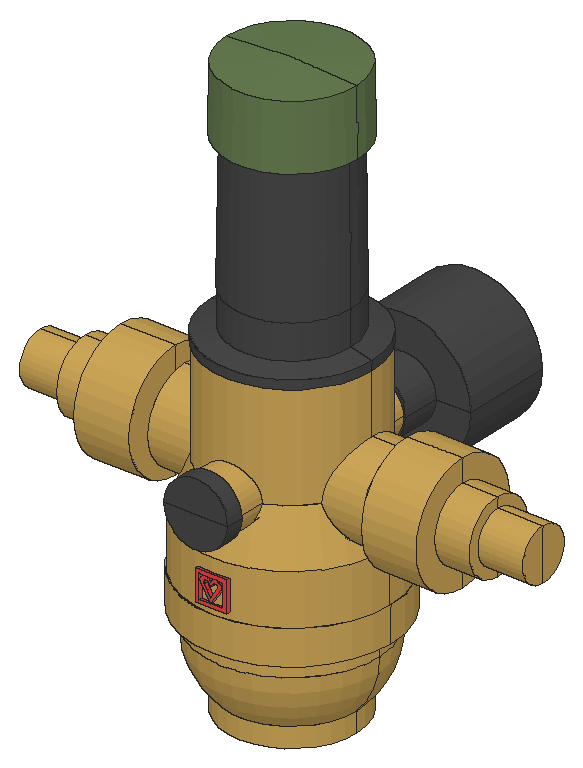
Revit family "HERZ Diaphragm Pressure Reducing Valve With Brass Cap 2682", category Rohrzubehör, Revit 2018
Family settings
  Bemaßung runder Anschluss = Durchmesser verwenden
  Teiletyp = Unterbricht
  OmniClass-Nummer = 23.65.55.14
  OmniClass-Titel = Valves for Liquid Services
  Arbeitsebenenbasiert = Nein
  Immer vertikal = Ja
  Beim Laden mit Abzugskörper schneiden = Nein
  Gemeinsam genutzt = Nein
Parameters (values of type "Manometer back")
  Part number [instance] = size_lookup("2682_M_", "Artnr", 0, Nennweite)  # 1268221
  Note = "Pursuant to Article 33 of the REACH Regulation (EC No. 1907/2006), we are obliged to point out that the material lead is listed on the SVHC list and that all brass components manufactured in our products exceed 0.1% (w / w) lead (CAS: 7439-92-1 / EINECS: 231-100-4).\r\nSince lead is a component part of an alloy, actual exposure is not possible and therefore no additional information on safe use is necessary."
  Max. operating temperature = 70 °C  # constant formula
  Factory settings = 300000.0 Pa  # constant formula
  W01 = 91.00°  # constant formula
  Vorne [instance] = no
  VRL03 [instance] = size_lookup("2682_M_", "VRL3", 1.000 mm, Nennweite)  # 23.500 mm
  VRL02 [instance] = size_lookup("2682_M_", "VRL2", 1.000 mm, Nennweite)  # 16.000 mm
  VRL01 [instance] = size_lookup("2682_M_", "VRL1", 1.000 mm, Nennweite)  # 73.500 mm
  VRD02 [instance] = size_lookup("2682_M_", "VRD2", 1.000 mm, Nennweite)  # 17.000 mm
  VRD01 [instance] = size_lookup("2682_M_", "VRD1", 1.000 mm, Nennweite)  # 10.500 mm
  VRAG [instance] = Nennweite / 2  # 7.500 mm
  URL = "www.herzvalves.com"
  Standard = "EN 1567"  # constant formula
  Spring = "spring steel"  # constant formula
  SC_NennweiteBerechnet = 0
  SC_Dimension = ""
  SCTWSEQ = "AW;SBT_TYP_AW=\"111\";2"
  SCTWCODE = "04;24;02"  # constant formula
  S02 = 10.000 mm  # constant formula
  S01 [instance] = VRD02 * 2  # 34.000 mm
  R07 [instance] = R05 + 0.800 mm  # 9.300 mm
  R06 = 19.500 mm  # constant formula
  R05 [instance] = size_lookup("2682_M_", "R5", 1.000 mm, Nennweite)  # 8.500 mm
  R04 [instance] = size_lookup("2682_M_", "R4", 1.000 mm, Nennweite)  # 18.900 mm
  R03 [instance] = size_lookup("2682_M_", "R3", 1.000 mm, Nennweite)  # 19.250 mm
  R02 [instance] = size_lookup("2682_M_", "R2", 1.000 mm, Nennweite)  # 28.750 mm
  R01 [instance] = size_lookup("2682_M_", "R1", 1.000 mm, Nennweite)  # 23.250 mm
  Upper part = "PA6.6"  # constant formula
  Nennweite [instance] = 15.000 mm
  Handle = "PA 6.6, green"  # constant formula
  Diaphragm = "EPDM"  # constant formula
  Medium = "water"  # constant formula
  Max. inlet pressure = 1600000.0 Pa  # constant formula
  Manometer scale = "0 - 10 bar"  # constant formula
  Pressure gauge connectors = "1/4\" F (ISO 228-1)"
  LO01 [instance] = H02 - 2.000 mm  # 27.000 mm
  L01 [instance] = size_lookup("2682_M_", "L1", 1.000 mm, Nennweite)  # 10.600 mm
  L00 [instance] = size_lookup("2682_M_", "L", 1.000 mm, Nennweite)  # 84.000 mm
  Bottom cover = "brass CW626N"  # constant formula
  Hinten [instance] = yes
  Hersteller = "HERZ Armaturen Ges.m.b.H."  # constant formula
  H12 [instance] = size_lookup("2682_M_", "H12", 1.000 mm, Nennweite)  # 5.800 mm
  H11 [instance] = size_lookup("2682_M_", "H11", 1.000 mm, Nennweite)  # 10.000 mm
  H10 [instance] = size_lookup("2682_M_", "H10", 1.000 mm, Nennweite)  # 37.000 mm
  H09 [instance] = H01 + H04 - H05  # 84.500 mm
  H08 [instance] = size_lookup("2682_M_", "H8", 1.000 mm, Nennweite)  # 20.000 mm
  H07 [instance] = size_lookup("2682_M_", "H7", 1.000 mm, Nennweite)  # 10.000 mm
  H06 [instance] = size_lookup("2682_M_", "H6", 1.000 mm, Nennweite)  # 2.500 mm
  H05 [instance] = size_lookup("2682_M_", "H5", 1.000 mm, Nennweite)  # 4.700 mm
  H04 [instance] = size_lookup("2682_M_", "H4", 1.000 mm, Nennweite)  # 58.700 mm
  H03 [instance] = D02 + 1.000 mm  # 14.220 mm
  H02 [instance] = size_lookup("2682_M_", "H2", 1.000 mm, Nennweite)  # 29.000 mm
  H01 [instance] = size_lookup("2682_M_", "H1", 1.000 mm, Nennweite)  # 30.500 mm
  GT1 [instance] = size_lookup("2682_M_", "GT1", 1.000 mm, Nennweite)  # 12.000 mm
  GT [instance] = size_lookup("2682_M_", "GT", 1.000 mm, Nennweite)  # 13.200 mm
  Filter = "stainless steel, mesh size 0.3 mm"  # constant formula
  Spring guide = "stainless steel"  # constant formula
  Outlet pressure range = "1.5 - 6 bar"  # constant formula
  Sealing = "EPDM"  # constant formula
  D09 [instance] = size_lookup("2682_M_", "D9", 1.000 mm, Nennweite)  # 19.000 mm
  D08 [instance] = size_lookup("2682_M_", "D8", 1.000 mm, Nennweite)  # 25.800 mm
  D07 [instance] = size_lookup("2682_M_", "D7", 1.000 mm, Nennweite)  # 29.000 mm
  D06 [instance] = size_lookup("2682_M_", "D6", 1.000 mm, Nennweite)  # 16.000 mm
  D05 [instance] = size_lookup("2682_M_", "D5", 1.000 mm, Nennweite)  # 16.800 mm
  D04 [instance] = size_lookup("2682_M_", "D4", 1.000 mm, Nennweite)  # 17.300 mm
  D03 [instance] = size_lookup("2682_M_", "D3", 1.000 mm, Nennweite)  # 23.500 mm
  D02 [instance] = size_lookup("2682_M_", "D2", 1.000 mm, Nennweite)  # 13.220 mm
  D01 [instance] = size_lookup("2682_M_", "D1", 1.000 mm, Nennweite)  # 9.525 mm
  Body = "forged brass acc. to EN 12165; CW626N"  # constant formula
  B03 = 5.000 mm  # constant formula
  B02 = 26.000 mm  # constant formula
  B01 [instance] = size_lookup("2682_M_", "B1", 1.000 mm, Nennweite)  # 30.000 mm
  B00 [instance] = size_lookup("2682_M_", "B", 1.000 mm, Nennweite)  # 67.000 mm
  External thread = "acc. to ISO 7-1 and ISO228"  # constant formula
  Application = "The pressure reducing valve protects installations against over pressure (reduces input pressure to a working level).\r\nIt can also be used in heating systems to protect boiler against increased pressure.\r\nThe outlet pressure is adjustable and does not vary with changes of the inlet pressure.\r\nThe outlet pressure can be adjusted by turning the green handle.\r\nTurning the handle clockwise increases the outlet pressure.\r\nTurning above the stated values on the pressure reducer scale may damage the valve.\r\nWe recommend the max. outlet pressure of 4 bar for private house installations (product long life, costs,...).\r\nAfter each new setting of the outlet pressure, the regulated pipe has to be opened and closed."
Types (3, lengths in mm): name | Vorne | Hinten
  (no name) | no | yes
  Manometer front | yes | no
  Manometer back | no | yes
Reference planes
  plane 1 "Mitte (Vorne/hinten)": y = 0
  plane 2: z = 0
  plane 3 "Mitte (Links/rechts)": x = 0
Forms (mm)
  Revolve 1, solid, material "Messing, weicher Gelbton, geschweißt", detail levels fine
    sketch origin (0, 0, 0) x (1, 0, 0) y (0, 0, 1)
      loop
        line (-42, 0) -> (42, 0) -> (42, 9.525) -> (31.4, 9.525) -> (31.4, 13.22) -> (-31.4, 13.22) -> (-31.4, 9.525) -> (-42, 9.525) -> (-42, 0)
      axis (-42, 0) -> (42, 0)
    angle from 0 to 360
  Revolve 2, solid, material "Messing, weicher Gelbton, geschweißt", detail levels fine
    sketch origin (0, 0, 0) x (1, 0, 0) y (0, 0, 1)
      loop
        line (0, -29) -> (28.75, -29) -> (28.75, -14.22) -> (23.25, 0) -> (23.25, 30.5) -> (0, 30.5) -> (0, -29)
      axis (0, 30.5) -> (0, -29)
    angle from 0 to 360
  Revolve 3, solid, material "Acetalharz, Schwarz", detail levels fine
    sketch origin (0, 0, 0) x (1, 0, 0) y (0, 0, 1)
      loop
        line (0, 30.5) -> (0, 89.2) -> (-16, 89.2) -> (-16, 84.5) -> (-16.8, 84.5) -> (-17.3, 44.5) -> (-17.3, 34.5) -> (-23.5, 33) -> (-23.5, 30.5) -> (0, 30.5)
      axis (0, 89.2) -> (0, 30.5)
    angle from 0 to 360
  Revolve 4, solid, material "Kunststoff GRÜN", detail levels fine
    sketch origin (0, 0, 0) x (1, 0, 0) y (0, 0, 1)
      loop
        line (0, 84.5) -> (19.25, 84.5) -> (18.9, 103.392)
        arc (18.9, 103.392) -> (9.466, 104.223) -> (0, 104.5) r 161.794
        line (0, 104.5) -> (0, 84.5)
      axis (0, 104.5) -> (0, 84.5)
    angle from 0 to 360
  Revolve 5, solid, material "Messing, weicher Gelbton, geschweißt", detail levels fine
    sketch origin (0, 0, 0) x (1, 0, 0) y (0, 0, 1)
      loop
        line (0, -29) -> (0, -66) -> (19, -66) -> (19, -60.2)
        arc (19, -60.2) -> (24.034, -52.577) -> (25.8, -43.615) r 23.626
        line (25.8, -43.615) -> (25.8, -39) -> (29, -39) -> (29, -29) -> (0, -29)
      axis (0, -29) -> (0, -66)
    angle from 0 to 360
  Revolve 6, solid, material "Messing, weicher Gelbton, geschweißt", detail levels fine
    sketch origin (0, 0, 0) x (1, 0, 0) y (0, 0, 1)
      loop
        line (34, 9.525) -> (46, 9.525) -> (46, 0) -> (73.5, 0) -> (73.5, 7.5) -> (60.3, 7.5) -> (60.3, 10.5) -> (50, 10.5) -> (50, 17) -> (34, 17) -> (34, 9.525)
      loop
        line (-34, 9.525) -> (-34, 17) -> (-50, 17) -> (-50, 10.5) -> (-60.3, 10.5) -> (-60.3, 7.5) -> (-73.5, 7.5) -> (-73.5, 0) -> (-46, 0) -> (-46, 9.525) -> (-34, 9.525)
      axis (-73.5, 0) -> (73.5, 0)
    angle from 0 to 360
  Revolve 7, solid, material "Messing, weicher Gelbton, geschweißt", detail levels fine
    sketch origin (0, 0, 0) x (1, 0, 0) y (0, 1, 0)
      loop
        line (0, 30) -> (0, -30) -> (8.5, -30) -> (8.5, 30) -> (0, 30)
      axis (0, 30) -> (0, -30)
    angle from 0 to 360
  Revolve 8, solid, material "Acetalharz, Schwarz", visible <- "Vorne", detail levels fine
    sketch origin (0, 0, 0) x (1, 0, 0) y (0, 1, 0)
      loop
        line (0, -30) -> (0, -65) -> (17.5, -65) -> (17.5, -67) -> (19.5, -67) -> (19.5, -41) -> (9.3, -41) -> (9.3, -30) -> (0, -30)
      axis (0, -30) -> (0, -67)
    angle from 0 to 360
  Revolve 9, solid, material "Acetalharz, Schwarz", visible <- "Vorne", detail levels fine
    sketch origin (0, 0, 0) x (1, 0, 0) y (0, 1, 0)
      loop
        line (0, 30) -> (9.3, 30) -> (9.3, 35) -> (0, 35) -> (0, 30)
      axis (0, 35) -> (0, 30)
    angle from 0 to 360
  Revolve 10, solid, material "Acetalharz, Schwarz", visible <- "Hinten", detail levels fine
    sketch origin (0, 0, 0) x (1, 0, 0) y (0, -1, 0)
      loop
        line (0, 30) -> (9.3, 30) -> (9.3, 35) -> (0, 35) -> (0, 30)
      axis (0, 35) -> (0, 30)
    angle from 0 to 360
  Revolve 11, solid, material "Acetalharz, Weiß", visible <- "Vorne", detail levels fine
    sketch origin (0, 0, 0) x (1, 0, 0) y (0, 1, 0)
      loop
        line (0, -65) -> (0, -66.5) -> (17.5, -66.5) -> (17.5, -65) -> (0, -65)
      axis (0, -65) -> (0, -66.5)
    angle from 0 to 360
  Revolve 12, solid, material "Acetalharz, Schwarz", visible <- "Hinten", detail levels fine
    sketch origin (0, 0, 0) x (1, 0, 0) y (0, -1, 0)
      loop
        line (0, -30) -> (0, -65) -> (17.5, -65) -> (17.5, -67) -> (19.5, -67) -> (19.5, -41) -> (9.3, -41) -> (9.3, -30) -> (0, -30)
      axis (0, -30) -> (0, -67)
    angle from 0 to 360
  Revolve 13, solid, material "Acetalharz, Weiß", visible <- "Hinten", detail levels fine
    sketch origin (0, 0, 0) x (1, 0, 0) y (0, -1, 0)
      loop
        line (0, -65) -> (0, -66.5) -> (17.5, -66.5) -> (17.5, -65) -> (0, -65)
      axis (0, -65) -> (0, -66.5)
    angle from 0 to 360
Lines and regions (mm)
  model lines, detail levels coarse+medium
    curve 1: line (-42, 0, -17) -> (-42, 0, 17)
    curve 2: line (-42, 0, 17) -> (42, 0, -34)
    curve 3: line (42, 0, -34) -> (42, 0, 34)
    curve 4: line (42, 0, 34) -> (-42, 0, -17)
    curve 5: line (-42, 0, 17) -> (-52, 0, 17)
    curve 6: line (-52, 0, 17) -> (-42, 0, 0)
    curve 7: line (-42, 0, -17) -> (-52, 0, -17)
    curve 8: line (-52, 0, -17) -> (-42, 0, 0)
    curve 9: line (-42, 0, 0) -> (-73.5, 0, 0)
    curve 10: line (42, 0, 17) -> (52, 0, 17)
    curve 11: line (52, 0, 17) -> (42, 0, 0)
    curve 12: line (42, 0, -17) -> (52, 0, -17)
    curve 13: line (52, 0, -17) -> (42, 0, 0)
    curve 14: line (42, 0, 0) -> (73.5, 0, 0)
    curve 15: line (-42, -17, 0) -> (-42, 17, 0)
    curve 16: line (-42, 17, 0) -> (42, -34, 0)
    curve 17: line (42, -34, 0) -> (42, 34, 0)
    curve 18: line (42, 34, 0) -> (-42, -17, 0)
    curve 19: line (-42, 17, 0) -> (-52, 17, 0)
    curve 20: line (-52, 17, 0) -> (-42, 0, 0)
    curve 21: line (-42, -17, 0) -> (-52, -17, 0)
    curve 22: line (-52, -17, 0) -> (-42, 0, 0)
    curve 23: line (42, 0, -17) -> (42, 0, 17)
    curve 24: line (42, 0, 17) -> (52, 0, 17)
    curve 25: line (52, 0, 17) -> (42, 0, 0)
    curve 26: line (42, 17, 0) -> (52, 17, 0)
    curve 27: line (52, 17, 0) -> (42, 0, 0)
    curve 28: line (42, -17, 0) -> (52, -17, 0)
    curve 29: line (52, -17, 0) -> (42, 0, 0)
Dimensions and locks
  equal spacing: Revolve 1 sketch curve, plane 3 "Mitte (Links/rechts)", Revolve 1 sketch curve
  "L00": Revolve 1 sketch curve to Revolve 1 sketch curve
  "L01": Revolve 1 sketch curve to Revolve 1 sketch curve  (x2)
  "D01": Revolve 1 sketch curve to Revolve 1 sketch curve  (x2)
  "D02": Revolve 1 sketch curve to plane 2
  "R01": Revolve 2 sketch curve to Revolve 2 sketch curve
  "R02": Revolve 2 sketch curve to Revolve 2 sketch curve
  "H01": Revolve 2 sketch curve to plane 2
  "H02": plane 2 to Revolve 2 sketch curve
  "H03": plane 2 to Revolve 2 sketch curve
  "H01": Revolve 3 sketch curve to plane 2
  "H04": Revolve 3 sketch curve to Revolve 3 sketch curve
  "H05": Revolve 3 sketch curve to Revolve 3 sketch curve
  "H06": Revolve 3 sketch curve to Revolve 3 sketch curve
  "H07": Revolve 3 sketch curve to Revolve 3 sketch curve
  "D03": Revolve 3 sketch curve to Revolve 3 sketch curve
  "D04": Revolve 3 sketch curve to Revolve 3 sketch curve
  "D05": Revolve 3 sketch curve to Revolve 3 sketch curve
  "D06": Revolve 3 sketch curve to Revolve 3 sketch curve
  "R03": Revolve 4 sketch curve to Revolve 4 sketch curve
  "H08": Revolve 4 sketch curve to Revolve 4 sketch curve
  "R04": Revolve 4 sketch curve to plane 3 "Mitte (Links/rechts)"
  "H09": Revolve 4 sketch curve to plane 2
  "H10": Revolve 5 sketch curve to Revolve 5 sketch curve
  "H02": plane 2 to Revolve 5 sketch curve
  "D07": Revolve 5 sketch curve to Revolve 5 sketch curve
  "H11": Revolve 5 sketch curve to Revolve 5 sketch curve
  "D08": Revolve 5 sketch curve to Revolve 5 sketch curve
  "H12": Revolve 5 sketch curve to Revolve 5 sketch curve
  "D09": Revolve 5 sketch curve to Revolve 5 sketch curve
  "VRL02": Revolve 6 sketch curve to Revolve 6 sketch curve  (x2)
  "VRL01": Revolve 6 sketch curve to plane 3 "Mitte (Links/rechts)"
  "GT": Revolve 6 sketch curve to Revolve 6 sketch curve  (x2)
  "VRL03": Revolve 6 sketch curve to Revolve 6 sketch curve  (x2)
  "D01": Revolve 6 sketch curve to plane 2  (x2)
  "GT1": Revolve 6 sketch curve to Revolve 6 sketch curve  (x2)
  "VRAG": Revolve 6 sketch curve to plane 2  (x2)
  "VRD01": Revolve 6 sketch curve to plane 2  (x2)
  "VRD02": Revolve 6 sketch curve to Revolve 6 sketch curve  (x2)
  "VRL01": plane 3 "Mitte (Links/rechts)" to Revolve 6 sketch curve
  "B01": Revolve 7 sketch curve to plane 1 "Mitte (Vorne/hinten)" to Revolve 7 sketch curve
  "R05": Revolve 7 sketch curve to Revolve 7 sketch curve
  "B00": Revolve 8 sketch curve to plane 1 "Mitte (Vorne/hinten)"
  "B01": plane 1 "Mitte (Vorne/hinten)" to Revolve 8 sketch curve
  "B02": Revolve 8 sketch curve to Revolve 8 sketch curve
  "R06": Revolve 8 sketch curve to Revolve 8 sketch curve
  "R07": Revolve 8 sketch curve to Revolve 8 sketch curve
  "R02": nested 1 to plane 1 "Mitte (Vorne/hinten)"
  "LO01": plane 2 to nested 1
  "VRD02": curve 2 to plane 2 to curve 4
  "S01": curve 4 to plane 2 to curve 3
  equal spacing: curve 3, plane 3 "Mitte (Links/rechts)", curve 1
  "L00": curve 3 to curve 1
  "S02": curve 1 to curve 6
  "S02": curve 1 to curve 8
  "VRL01": plane 3 "Mitte (Links/rechts)" to curve 9
  "S02": curve 11 to curve 3
  "S02": curve 13 to curve 3
  "VRL01": curve 14 to plane 3 "Mitte (Links/rechts)"
  "VRD02": curve 10 to plane 2 to curve 12
  equal spacing: curve 15, plane 3 "Mitte (Links/rechts)", curve 17
  "L00": curve 15 to curve 17
  "VRD02": curve 18 to plane 1 "Mitte (Vorne/hinten)" to curve 16
  "S01": curve 17 to plane 1 "Mitte (Vorne/hinten)" to curve 18
  "S02": curve 20 to curve 15
  "S02": curve 22 to curve 15
  "S02": curve 17 to curve 27
  "S02": curve 17 to curve 29
  "VRD02": curve 28 to plane 1 "Mitte (Vorne/hinten)" to curve 26
  "R07": Revolve 9 sketch curve to Revolve 9 sketch curve
  "B03": Revolve 9 sketch curve to Revolve 9 sketch curve
  "B01": plane 1 "Mitte (Vorne/hinten)" to Revolve 9 sketch curve
  "R07": Revolve 10 sketch curve to Revolve 10 sketch curve
  "B03": Revolve 10 sketch curve to Revolve 10 sketch curve
  "B01": Revolve 10 sketch curve to plane 1 "Mitte (Vorne/hinten)"
  "B02": Revolve 12 sketch curve to Revolve 12 sketch curve
  "R06": Revolve 12 sketch curve to Revolve 12 sketch curve
  "R07": Revolve 12 sketch curve to Revolve 12 sketch curve
  aligned and locked: level to plane 2
Automatic sketch dimensions
  Revolve 11 sketch curve to plane 3 "Mitte (Links/rechts)" = 0.000 mm  (x2)
  plane 3 "Mitte (Links/rechts)" to Revolve 11 sketch curve = 17.500 mm
  plane 1 "Mitte (Vorne/hinten)" to Revolve 11 sketch curve = 66.500 mm
  Revolve 11 sketch curve to Revolve 11 sketch curve = 1.500 mm
  Revolve 11 sketch curve to Revolve 11 sketch curve = 1933.500 mm
  Revolve 11 sketch curve to plane 1 "Mitte (Vorne/hinten)" = 2000.000 mm
  Revolve 13 sketch curve to plane 3 "Mitte (Links/rechts)" = 0.000 mm  (x2)
  Revolve 13 sketch curve to plane 3 "Mitte (Links/rechts)" = 17.500 mm
  plane 1 "Mitte (Vorne/hinten)" to Revolve 13 sketch curve = 66.500 mm
  Revolve 13 sketch curve to Revolve 13 sketch curve = 1.500 mm
  Revolve 13 sketch curve to Revolve 13 sketch curve = 1933.500 mm
  Revolve 13 sketch curve to plane 1 "Mitte (Vorne/hinten)" = 2000.000 mm
  curve 25 to level = 0.000 mm
  curve 14 to level = 0.000 mm
  curve 6 to level = 0.000 mm
  curve 8 to level = 0.000 mm
  curve 24 to curve 10 = 0.000 mm
  plane 1 "Mitte (Vorne/hinten)" to curve 29 = 0.000 mm
  plane 1 "Mitte (Vorne/hinten)" to curve 20 = 0.000 mm
  Revolve 1 sketch curve to level = 0.000 mm  (x2)
  Revolve 1 sketch curve to Revolve 1 sketch curve = 1464.530 mm
  Revolve 1 sketch curve to Revolve 1 sketch curve = 1797.148 mm
  Revolve 2 sketch curve to plane 3 "Mitte (Links/rechts)" = 0.000 mm  (x2)
  Revolve 2 sketch curve to level = 0.000 mm
  Revolve 2 sketch curve to Revolve 2 sketch curve = 337.045 mm
  Revolve 2 sketch curve to Revolve 2 sketch curve = 2183.815 mm
  Revolve 3 sketch curve to plane 3 "Mitte (Links/rechts)" = 0.000 mm  (x2)
  Revolve 3 sketch curve to Revolve 3 sketch curve = 1.500 mm
  Revolve 3 sketch curve to level = 366.045 mm
  Revolve 3 sketch curve to Revolve 3 sketch curve = 2125.115 mm
  Revolve 4 sketch curve to plane 3 "Mitte (Links/rechts)" = 0.000 mm  (x2)
  Revolve 4 sketch curve to level = 57.294 mm
  Revolve 4 sketch curve to Revolve 4 sketch curve = 308.751 mm
  Revolve 4 sketch curve to Revolve 4 sketch curve = 2109.815 mm
  Revolve 5 sketch curve to plane 3 "Mitte (Links/rechts)" = 0.000 mm  (x2)
  plane 3 "Mitte (Links/rechts)" to Revolve 5 sketch curve = 2.174 mm
  Revolve 5 sketch curve to Revolve 5 sketch curve = 300.045 mm
  level to Revolve 5 sketch curve = 2214.315 mm
  Revolve 6 sketch curve to level = 0.000 mm  (x3)
  Revolve 6 sketch curve to Revolve 6 sketch curve = 1433.030 mm
  Revolve 6 sketch curve to Revolve 6 sketch curve = 1765.648 mm
  Revolve 7 sketch curve to plane 3 "Mitte (Links/rechts)" = 0.000 mm  (x2)
  Revolve 7 sketch curve to Revolve 7 sketch curve = 1950.000 mm  (x2)
  Revolve 8 sketch curve to plane 3 "Mitte (Links/rechts)" = 0.000 mm  (x2)
  Revolve 8 sketch curve to Revolve 8 sketch curve = 2.000 mm  (x2)
  Revolve 8 sketch curve to Revolve 8 sketch curve = 1936.000 mm
  Revolve 8 sketch curve to plane 1 "Mitte (Vorne/hinten)" = 2000.000 mm
  Revolve 9 sketch curve to plane 3 "Mitte (Links/rechts)" = 0.000 mm  (x2)
  plane 1 "Mitte (Vorne/hinten)" to Revolve 9 sketch curve = 2000.000 mm
  Revolve 9 sketch curve to Revolve 9 sketch curve = 1963.669 mm
  Revolve 10 sketch curve to plane 3 "Mitte (Links/rechts)" = 0.000 mm  (x2)
  plane 1 "Mitte (Vorne/hinten)" to Revolve 10 sketch curve = 2000.000 mm
  Revolve 10 sketch curve to Revolve 10 sketch curve = 1963.669 mm
  Revolve 12 sketch curve to plane 3 "Mitte (Links/rechts)" = 0.000 mm  (x2)
  Revolve 12 sketch curve to Revolve 12 sketch curve = 2.000 mm  (x2)
  plane 1 "Mitte (Vorne/hinten)" to Revolve 12 sketch curve = 67.000 mm
  Revolve 12 sketch curve to Revolve 12 sketch curve = 11.000 mm
  Revolve 12 sketch curve to Revolve 12 sketch curve = 1936.000 mm
  Revolve 12 sketch curve to plane 1 "Mitte (Vorne/hinten)" = 2000.000 mm
Nested families
  nested 1: "Herz-Logo-vorne" at (0, -28.75, -22.5) x (0, 1, 0) z (0, 0, 1), type "Herz-Logo-vorne", detail levels fine
Connectors
  piping at (73.5, 0, 0), diameter 15, driven by "Nennweite"
    settings: on Revolve 6, index 1, connector inside diameter 609.6 mm, connector length 0.000 mm, flow factor 0, pipe flow 0.0 L/s, pressure drop 0.0 Pa, fitting loss kfactor 0, connector angle 0.00°, fixture units 0, engagement length 0.000 mm, angle of deflection 0.00°, flow configuration 0, flow direction 2, fitting loss method 0, system type 29, joint type 0, gender type 0, connector reference index -1, connector utility 0, adjustable connector no, is connector primary yes, connector description ""
  piping at (-73.5, 0, 0), diameter 15, driven by "Nennweite"
    settings: on Revolve 6, index 2, connector inside diameter 609.6 mm, connector length 0.000 mm, flow factor 0, pipe flow 0.0 L/s, pressure drop 0.0 Pa, fitting loss kfactor 0, connector angle 0.00°, fixture units 0, engagement length 0.000 mm, angle of deflection 0.00°, flow configuration 0, flow direction 1, fitting loss method 0, system type 29, joint type 0, gender type 0, connector reference index -1, connector utility 0, adjustable connector no, is connector primary no, connector description ""
Definition of nested family "Herz-Logo-vorne"
  Reference planes
    plane 1 "Mitte (Vorne/hinten)": y = 0
    plane 2: z = 0
    plane 3 "Mitte (Links/rechts)": x = 0
  Forms (mm)
    Extrusion 1, solid
      sketch origin (0.732, -0.018, 0.017) x (0, -1, 0) y (0, 0, 1)
        loop
          line (-0.018, -4.517) -> (4.482, -4.517) -> (4.482, 4.483) -> (-4.518, 4.483) -> (-4.518, -4.517) -> (-0.018, -4.517)
        loop
          line (-0.05, -3.48) -> (3.482, -3.48) -> (3.482, 3.483) -> (-3.518, 3.483) -> (-3.518, -3.48) -> (-0.05, -3.48)
        loop
          arc (-0.018, 2.383) -> (-1.543, 3.287) -> (-3.067, 2.383) r 1.738
          arc (-3.067, 2.383) -> (-3.191, 1.899) -> (-3.067, 1.415) r 1.009
          line (-3.067, 1.415) -> (-0.018, -3.281) -> (3.032, 1.415)
          arc (3.032, 1.415) -> (3.156, 1.899) -> (3.032, 2.383) r 1.009
          arc (3.032, 2.383) -> (1.507, 3.287) -> (-0.018, 2.383) r 1.738
        loop
          arc (1.885, 1.272) -> (2.005, 1.675) -> (1.885, 2.079) r 0.74
          arc (1.885, 2.079) -> (1.265, 2.416) -> (0.644, 2.079) r 0.74
          line (0.644, 2.079) -> (-0.018, 0.97) -> (-0.679, 2.079)
          arc (-0.679, 2.079) -> (-1.3, 2.416) -> (-1.921, 2.079) r 0.74
          arc (-1.921, 2.079) -> (-2.04, 1.675) -> (-1.921, 1.272) r 0.74
          line (-1.921, 1.272) -> (-0.018, -1.658) -> (1.885, 1.272)
      from 0 to 1.5
  Dimensions and locks
    aligned and locked: level to plane 2
